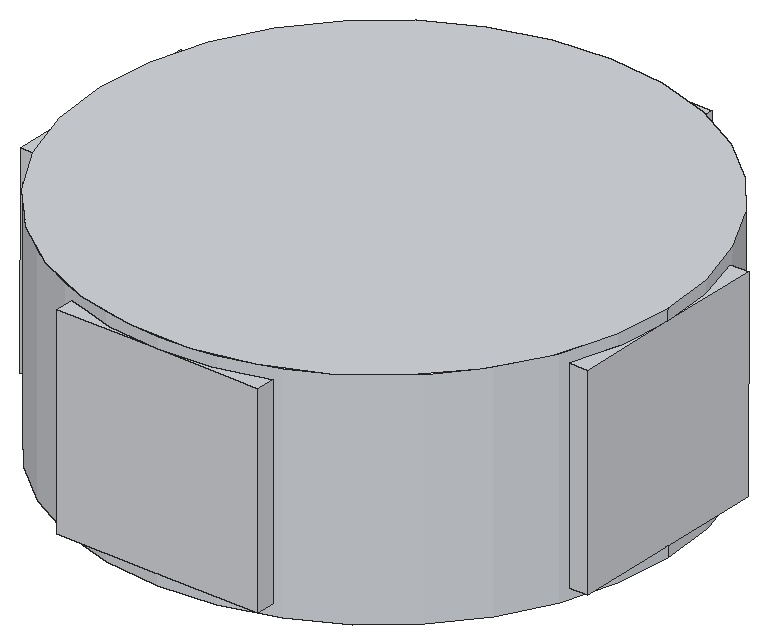
Revit family "a0aea02f4dbc4157bafd96ff2e017449", category Conduit Fittings, Revit 2021
Family settings
  Round Connector Dimension = Use Radius
  Part Type = Multi Port
  OmniClass Number = 23.80.30.17.11
  OmniClass Title = Conduits
  Work Plane-Based = No
  Always vertical = Yes
  Cut with Voids When Loaded = No
  Shared = No
Parameters (values of type "Standard")
  Width 1 [instance] = Box Thickness * 0.45  # 0.73125"
  Nominal Radius 5 [instance] = 1/4"
  Nominal Radius 4 [instance] = 1/4"
  Nominal Radius 3 [instance] = 1/4"
  Nominal Radius 2 [instance] = 1/4"
  Nominal Diameter 5 [instance] = Nominal Radius 5 * 2  # 1/2"
  Nominal Diameter 4 [instance] = Nominal Radius 4 * 2  # 1/2"
  Nominal Diameter 3 [instance] = Nominal Radius 3 * 2  # 1/2"
  Nominal Diameter 2 [instance] = Nominal Radius 2 * 2  # 1/2"
  Max Nominal Diameter 34 [instance] = if(Nominal Diameter 3 > Nominal Diameter 4, Nominal Diameter 3, Nominal Diameter 4)  # 1/2"
  Max Nominal Diameter 12345 [instance] = if(Max Nominal Diameter 1234 > Nominal Diameter 5, Max Nominal Diameter 1234, Nominal Diameter 5)  # 1/2"
  Max Nominal Diameter 1234 [instance] = if(Max Nominal Diameter 12 > Max Nominal Diameter 34, Max Nominal Diameter 12, Max Nominal Diameter 34)  # 1/2"
  Max Nominal Diameter 12 [instance] = if(Nominal Diameter 1 > Nominal Diameter 2, Nominal Diameter 1, Nominal Diameter 2)  # 1/2"
  Default Elevation = 0' - 0"
  Box Thickness [instance] = if(not(Max Nominal Diameter 12345 > 0' 1"), 0' 1 5/8", if(Max Nominal Diameter 12345 < 0' 6", 0' 6", Max Nominal Diameter 12345 * 1.2))  # 1 5/8"
  Box Radius [instance] = if(not(Max Nominal Diameter 12345 > 0' 1"), 0' 2 1/16", 3 * Max Nominal Diameter 12345)  # 2 1/16"
  Nominal Radius 1 [instance] = 1/4"
  Nominal Diameter 1 [instance] = Nominal Radius 1 * 2  # 1/2"
Reference planes (in)
  plane 1 "Center (Front/Back)": y = 0
  plane 2: z = 0
  plane 3 "Center (Left/Right)": x = 0
  plane 4: z = -0.8125
  plane 5: z = 0.8125
  plane 6: y = 2.0625
  plane 7: y = -2.0625
  plane 8: x = -2.0625
  plane 9: x = 2.0625
  plane 10: y = 0.73125
  plane 11: y = -0.73125
  plane 12: z = 0.73125
  plane 13: z = -0.73125
  plane 14: x = -0.73125
  plane 15: x = 0.73125
Forms (in)
  Extrusion 1, solid
    sketch origin (0, 0, 0) x (1, 0, 0) y (0, 1, 0)
      loop
        circle (0, 0) r 2.0625
    from -0.8125 to 0.8125
  Extrusion 2, solid
    sketch origin (0, 0, 0) x (1, 0, 0) y (0, 0, 1)
      loop
        circle (0, 0) r 0.25
    from -2.0625 to 2.0625
  Extrusion 3, solid
    sketch origin (0, 0, 0) x (0, 1, 0) y (0, 0, 1)
      loop
        circle (0, 0) r 0.25
    from -2.0625 to 2.0625
  Extrusion 4, solid
    sketch origin (0, 0, 0) x (0, 1, 0) y (0, 0, 1)
      loop
        line (0.73125, 0.73125) -> (-0.73125, 0.73125) -> (-0.73125, -0.73125) -> (0.73125, -0.73125) -> (0.73125, 0.73125)
    from -2.0625 to 2.0625
  Extrusion 5, solid
    sketch origin (0, 0, 0) x (1, 0, 0) y (0, 0, 1)
      loop
        line (-0.73125, 0.73125) -> (-0.73125, -0.73125) -> (0.73125, -0.73125) -> (0.73125, 0.73125) -> (-0.73125, 0.73125)
    from -2.0625 to 2.0625
Cuts and joins
  joined: Extrusion 1, Extrusion 2, Extrusion 3, Extrusion 4, Extrusion 5
Dimensions and locks (in)
  equal spacing: plane 5, plane 2, plane 4
  locked: level to plane 2
  "Box Thickness": plane 5 to plane 4
  "Box Radius": plane 6 to plane 1 "Center (Front/Back)"
  "Box Radius": plane 1 "Center (Front/Back)" to plane 7
  "Box Radius": plane 3 "Center (Left/Right)" to plane 9
  "Box Radius": plane 8 to plane 3 "Center (Left/Right)"
  "Width 1": plane 12 to plane 2
  "Width 1": plane 2 to plane 13
  "Width 1": plane 1 "Center (Front/Back)" to plane 11
  "Width 1": plane 10 to plane 1 "Center (Front/Back)"
  "Width 1": plane 3 "Center (Left/Right)" to plane 14
  "Width 1": plane 15 to plane 3 "Center (Left/Right)"
  "Box Radius": radius of Extrusion 1 sketch curve
  "Nominal Radius 1": radius of Extrusion 2 sketch curve
  "Nominal Radius 1": radius of Extrusion 3 sketch curve
  aligned and locked: plane 1 "Center (Front/Back)" to Extrusion 1 sketch curve
  aligned and locked: plane 3 "Center (Left/Right)" to Extrusion 1 sketch curve
  aligned and locked: Extrusion 1 to plane 4
  aligned and locked: plane 5 to Extrusion 1
  aligned and locked: plane 2 to Extrusion 2 sketch curve
  aligned and locked: plane 3 "Center (Left/Right)" to Extrusion 2 sketch curve
  aligned and locked: plane 6 to Extrusion 2
  aligned and locked: Extrusion 2 to plane 7
  aligned and locked: plane 2 to Extrusion 3 sketch curve
  aligned and locked: plane 1 "Center (Front/Back)" to Extrusion 3 sketch curve
  aligned and locked: Extrusion 3 to plane 8
  aligned and locked: plane 9 to Extrusion 3
  aligned and locked: plane 12 to Extrusion 4 sketch curve
  aligned and locked: Extrusion 4 sketch curve to plane 10
  aligned and locked: Extrusion 4 sketch curve to plane 13
  aligned and locked: plane 11 to Extrusion 4 sketch curve
  aligned and locked: Extrusion 4 to plane 8
  aligned and locked: plane 9 to Extrusion 4
  aligned and locked: Extrusion 5 sketch curve to plane 12
  aligned and locked: plane 14 to Extrusion 5 sketch curve
  aligned and locked: plane 13 to Extrusion 5 sketch curve
  aligned and locked: Extrusion 5 sketch curve to plane 15
  aligned and locked: plane 6 to Extrusion 5
  aligned and locked: Extrusion 5 to plane 7
Connectors (in)
  cabletrayconduit at (-2.0625, 0, 0), diameter 0.5, driven by "Nominal Radius 1"
    settings: on cut or joined group of Extrusion 1, Extrusion 2, Extrusion 3, Extrusion 4, Extrusion 5, index 1, connector width 1' - 0", connector height 1' - 0", connector angle 0.00°, system type 32, placement type 0, profile type 0, connector reference index 2, is primary connector yes, connector utility param no, connector description ""
  cabletrayconduit at (2.0625, 0, 0), diameter 0.5, driven by "Nominal Radius 2"
    settings: on cut or joined group of Extrusion 1, Extrusion 2, Extrusion 3, Extrusion 4, Extrusion 5, index 2, connector width 1' - 0", connector height 1' - 0", connector angle 0.00°, system type 32, placement type 0, profile type 0, connector reference index 1, is primary connector no, connector utility param no, connector description ""
  cabletrayconduit at (0, -2.0625, 0), diameter 0.5, driven by "Nominal Radius 3"
    settings: on cut or joined group of Extrusion 1, Extrusion 2, Extrusion 3, Extrusion 4, Extrusion 5, index 3, connector width 1' - 0", connector height 1' - 0", connector angle 0.00°, system type 32, placement type 0, profile type 0, connector reference index 4, is primary connector no, connector utility param no, connector description ""
  cabletrayconduit at (0, 2.0625, 0), diameter 0.5, driven by "Nominal Radius 4"
    settings: on cut or joined group of Extrusion 1, Extrusion 2, Extrusion 3, Extrusion 4, Extrusion 5, index 4, connector width 1' - 0", connector height 1' - 0", connector angle 0.00°, system type 32, placement type 0, profile type 0, connector reference index 3, is primary connector no, connector utility param no, connector description ""
  cabletrayconduit at (0, 0, -0.8125), diameter 0.5, driven by "Nominal Radius 5"
    settings: on cut or joined group of Extrusion 1, Extrusion 2, Extrusion 3, Extrusion 4, Extrusion 5, index 5, connector width 1' - 0", connector height 1' - 0", connector angle 0.00°, system type 32, placement type 0, profile type 0, connector reference index -1, is primary connector no, connector utility param no, connector description ""
